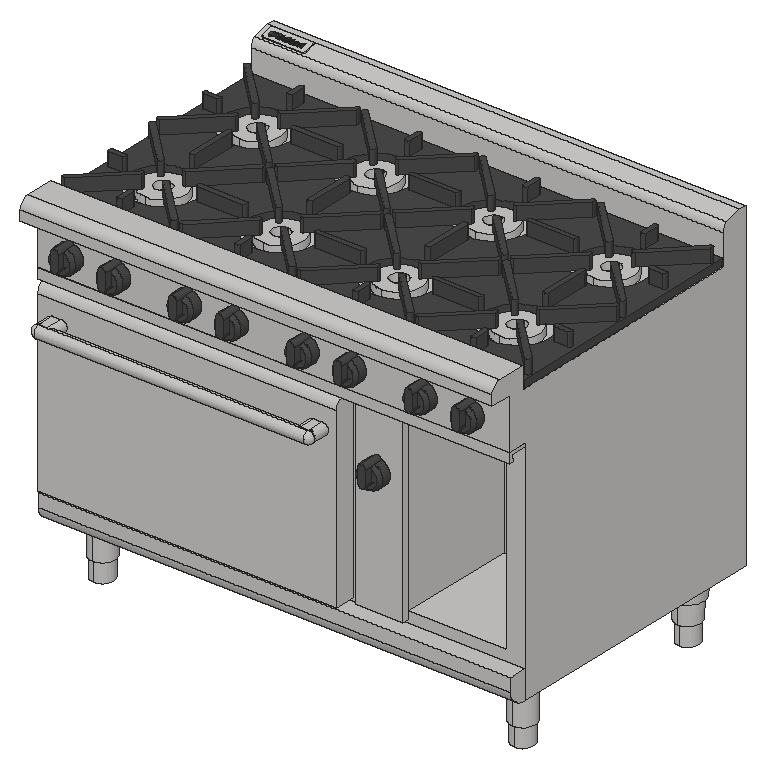
Revit family "QF_MOFFAT WALDORF_RNL8810GC", category Specialty Equipment, Revit 2012
Parameters
  Width = 1200 mm
  Weight in Pounds = 258
  Watts = 130 W
  Volts = 240 V
  URL Cutsheet = "www.moffat.com"
  URL = "www.moffat.com"
  Type Mark [instance] = ""
  Status [instance] = ""
  Specification by User [instance] = ""
  Specification by Manufacturer = ""
  Show Logo [instance] = yes
  Show Clearance [instance] = yes
  Serial Number = ""
  Seismic Rating = ""
  SMACNA No = ""
  Revision Code [instance] = ""
  Plumbing Remarks = ""
  Plumbing Connection Type [instance] = ""
  Phase = 1
  Omniclass Number and Title = ""
  Number of Poles [instance] = 1
  NAFEM Spec ID Number = ""
  Model = "RNL8810GC"
  Min Ckt Ampacity = 0 A
  Mechanical Remarks = ""
  Mechanical Connection Type [instance] = ""
  Max Overcurrent Protection = 0 A
  Masterspec = ""
  Manufacturer = "MOFFAT WALDORF"
  Item Number [instance] = ""
  Installed By [instance] = ""
  Identify Quantity as Lot [instance] = yes
  Height = 970 mm
  HP = ""
  Gas Size = 3/4"
  Gas RI Height [instance] = 0 mm
  Gas KW [instance] = 70.5
  Gas Input [instance] = 240746.0 Btu/h
  Gas Connection Height = 0 mm
  Furnished By [instance] = ""
  Foodservice Equipment Identifier [instance] = yes
  FL Amps = 0.06 A
  Electrical Remarks [instance] = ""
  Electric Connection Type [instance] = ""
  Elec Conn RI Height [instance] = 0 mm
  Elec Conn Connection Height [instance] = 0 mm
  Description = "RANGE LOW SPLASHBACK GAS WITH CONVECTION OVEN"
  Depth = 805 mm
  Cycle = 50 Hz
  Conn Plug = ""
  Conn Conduit = yes
  Cold Water Temperature Recommended = -459.67 °F
  Cold Water Size = 1/2"
  Cold Water RI Height [instance] = 0 mm
  Cold Water Minimum Pressure = 0.00 psi
  Cold Water Maximum Pressure = 0.00 psi
  Cold Water Flow = 0 GPM
  Cold Water Consumption = ""
  Cold Water Connection Height = 0 mm
  CSI MasterFormat = ""
  CSI Master Format = ""
  Body Finish = QF_Finishes_Stainless Steel
  Apparent Power = 0 VA
Reference planes
  plane 1 "BACK": y = 0
  plane 2: z = 0
  plane 3 "LEFT": x = 0
  plane 4 "RIGHT": x = 1200
  plane 5 "FRONT": y = -805
  plane 6 "TOP": z = 970
  plane 7 "Center Y": x = 600
  plane 8 "Center X": y = -402.5
  plane 9: x = 280
  plane 10: y = -574.272
  plane 11: x = 60
  plane 12: y = -304.972
  plane 13: y = -364.972
  plane 14: x = 74
  plane 15: y = -805
  plane 16: x = 1134.5
  plane 17: y = -32
  plane 18: z = 655
  plane 19: x = 65.5
  plane 20: x = 65.8
  plane 21: z = 222.5
Forms (mm)
  Extrusion 1, solid, material "QF_Finishes_Stainless Steel" <- "Body Finish"
    sketch origin (0, 0, 0) x (0, 1, 0) y (0, 0, 1)
      loop
        line (0, 150) -> (0, 970) -> (-16.5, 970) -> (-58.709, 958.69)
        arc (-58.709, 958.69) -> (-66.975, 950.425) -> (-70, 939.134) r 22.582
        line (-70, 939.134) -> (-70, 861.8) -> (-709, 861.8) -> (-709, 915) -> (-781, 915)
        arc (-781, 915) -> (-797.971, 907.971) -> (-805, 891) r 24
        line (-805, 891) -> (-805, 866) -> (-749, 866) -> (-749, 736.219) -> (-696.73, 736.219) -> (-696.73, 150) -> (0, 150)
      loop
        line (-700.93, 150.071) -> (-700.93, 222.5) -> (-746.73, 222.5) -> (-746.73, 188)
        arc (-746.73, 188) -> (-731.317, 159.995) -> (-700.93, 150.071) r 43.526
      loop
        line (-749, 710) -> (-740.224, 710) -> (-742.613, 726.999) -> (-700.93, 726.999) -> (-700.93, 734.003) -> (-749, 734.003) -> (-749, 710)
    from 0 to 1200
  Extrusion 2, solid, material "QF_Finishes_Stainless Steel"
    sketch origin (0, 0, 0) x (0, 1, 0) y (0, 0, 1)
      loop
        line (-699, 700) -> (-725, 700)
        arc (-725, 700) -> (-741.971, 692.971) -> (-749, 676) r 24
        line (-749, 676) -> (-749, 227.5) -> (-699, 227.5) -> (-699, 700)
    from 0 to 760
  Extrusion 3, solid, material "QF_Finishes_Stainless Steel"
    sketch origin (723.5, 0, 0) x (0, 1, 0) y (0, 0, 1)
      loop
        line (-699, 700) -> (-714, 700) -> (-714, 227.5) -> (-699, 227.5) -> (-699, 700)
    from 56.898 to 176.5
  Revolve 4, solid, material "QF_Finishes_Stainless Steel" <- "Body Finish"
    sketch origin (1134.5, -165, 0) x (0, 1, 0) y (0, 0, -1)
      loop
        line (33.25, -50) -> (31.418, -102.468) -> (26.406, -102.468) -> (22.247, -150) -> (65, -150) -> (65, 0) -> (37.5, 0) -> (37.5, -50) -> (33.25, -50)
      axis (65, -150) -> (65, 0)
    angle from 0 to 360
  Revolve 5, solid, material "QF_Finishes_Stainless Steel" <- "Body Finish"
    sketch origin (1134.5, -696.126, 0) x (0, 1, 0) y (0, 0, -1)
      loop
        line (39.376, -150) -> (71.126, -150) -> (71.126, 0) -> (43.626, 0) -> (43.626, -50) -> (39.376, -50) -> (39.376, -150)
      axis (71.126, -150) -> (71.126, 0)
    angle from 0 to 360
  Revolve 6, solid, material "QF_Finishes_Stainless Steel" <- "Body Finish"
    sketch origin (65.5, -165, 0) x (0, 1, 0) y (0, 0, 1)
      loop
        line (31.418, 102.468) -> (33.25, 50) -> (37.5, 50) -> (37.5, 0) -> (65, 0) -> (65, 150) -> (22.247, 150) -> (26.406, 102.468) -> (31.418, 102.468)
      axis (65, 150) -> (65, 0)
    angle from 0 to 360
  Revolve 7, solid, material "QF_Finishes_Stainless Steel" <- "Body Finish"
    sketch origin (65.5, -696.126, 0) x (0, 1, 0) y (0, 0, 1)
      loop
        line (39.376, 150) -> (39.376, 50) -> (43.626, 50) -> (43.626, 0) -> (71.126, 0) -> (71.126, 150) -> (39.376, 150)
      axis (71.126, 150) -> (71.126, 0)
    angle from 0 to 360
  Extrusion 8, solid, material "QF_Finishes_Stainless Steel"
    sketch origin (-64.5, 0, 325) x (1, 0, 0) y (0, 1, 0)
      loop
        circle (1134.5, -32) r 10
    from 330 to 377.356
  Extrusion 9, void
    sketch origin (0, -696.73, 640) x (0, 0, -1) y (-1, 0, 0)
      loop
        line (-36, -900) -> (-36, -1150) -> (394, -1150) -> (394, -900) -> (-36, -900)
    from 0 to 304.8
  Extrusion 10, solid, material "QF_Finishes_Black"
    sketch origin (0, -70, 861.8) x (0, -1, 0) y (1, 0, 0)
      loop
        arc (1, 4) -> (1.879, 1.879) -> (4, 1) r 3
        line (4, 1) -> (631, 1)
        arc (631, 1) -> (633.121, 1.879) -> (634, 4) r 3
        line (634, 4) -> (634, 1197)
        arc (634, 1197) -> (633.121, 1199.121) -> (631, 1200) r 3
        line (631, 1200) -> (4, 1200)
        arc (4, 1200) -> (1.879, 1199.121) -> (1, 1197) r 3
        line (1, 1197) -> (1, 4)
      loop
        circle (167.5, 150) r 85
      loop
        circle (167.5, 450) r 85
      loop
        circle (467.768, 150) r 85
      loop
        circle (467.768, 450) r 85
      loop
        circle (167.5, 750) r 85
      loop
        circle (467.768, 750) r 85
      loop
        circle (167.5, 1050) r 85
      loop
        circle (467.768, 1050) r 85
    from 0 to 19.5
  Revolve 11, solid, material "QF_Finishes_Black"
    sketch origin (810.601, 38.874, -0.118) x (0, 1, 0) y (0, 0, 1)
      loop
        line (-820.874, 829.5) -> (-831.874, 823.651) -> (-831.874, 797) -> (-787.874, 797) -> (-787.874, 802) -> (-797.874, 802) -> (-797.874, 829.5) -> (-820.874, 829.5)
      axis (-831.874, 797) -> (-787.874, 797)
    angle from 0 to 360
  Revolve 12, solid, material "QF_Finishes_Black"
    sketch origin (690.601, 38.874, -0.118) x (0, 1, 0) y (0, 0, 1)
      loop
        line (-820.874, 829.5) -> (-831.874, 823.651) -> (-831.874, 797) -> (-787.874, 797) -> (-787.874, 802) -> (-797.874, 802) -> (-797.874, 829.5) -> (-820.874, 829.5)
      axis (-831.874, 797) -> (-787.874, 797)
    angle from 0 to 360
  Revolve 13, solid, material "QF_Finishes_Black"
    sketch origin (90.337, 38.874, -0.118) x (0, 1, 0) y (0, 0, -1)
      loop
        line (-820.874, -829.5) -> (-797.874, -829.5) -> (-797.874, -802) -> (-787.874, -802) -> (-787.874, -797) -> (-831.874, -797) -> (-831.874, -823.651) -> (-820.874, -829.5)
      axis (-831.874, -797) -> (-787.874, -797)
    angle from 0 to 360
  Revolve 14, solid, material "QF_Finishes_Black"
    sketch origin (210.649, 38.874, -0.118) x (0, 1, 0) y (0, 0, -1)
      loop
        line (-820.874, -829.5) -> (-797.874, -829.5) -> (-797.874, -802) -> (-787.874, -802) -> (-787.874, -797) -> (-831.874, -797) -> (-831.874, -823.651) -> (-820.874, -829.5)
      axis (-831.874, -797) -> (-787.874, -797)
    angle from 0 to 360
  Revolve 15, solid, material "QF_Finishes_Black"
    sketch origin (390.625, 38.874, -0.118) x (0, 1, 0) y (0, 0, -1)
      loop
        line (-820.874, -829.5) -> (-797.874, -829.5) -> (-797.874, -802) -> (-787.874, -802) -> (-787.874, -797) -> (-831.874, -797) -> (-831.874, -823.651) -> (-820.874, -829.5)
      axis (-831.874, -797) -> (-787.874, -797)
    angle from 0 to 360
  Revolve 16, solid, material "QF_Finishes_Black"
    sketch origin (510.625, 38.874, -0.118) x (0, 1, 0) y (0, 0, -1)
      loop
        line (-820.874, -829.5) -> (-797.874, -829.5) -> (-797.874, -802) -> (-787.874, -802) -> (-787.874, -797) -> (-831.874, -797) -> (-831.874, -823.651) -> (-820.874, -829.5)
      axis (-831.874, -797) -> (-787.874, -797)
    angle from 0 to 360
  Revolve 17, solid, material "QF_Finishes_Black"
    sketch origin (1110.576, 38.874, -0.118) x (0, 1, 0) y (0, 0, 1)
      loop
        line (-820.874, 829.5) -> (-831.874, 823.651) -> (-831.874, 797) -> (-787.874, 797) -> (-787.874, 802) -> (-797.874, 802) -> (-797.874, 829.5) -> (-820.874, 829.5)
      axis (-831.874, 797) -> (-787.874, 797)
    angle from 0 to 360
  Revolve 18, solid, material "QF_Finishes_Black"
    sketch origin (990.576, 38.874, -0.118) x (0, 1, 0) y (0, 0, 1)
      loop
        line (-820.874, 829.5) -> (-831.874, 823.651) -> (-831.874, 797) -> (-787.874, 797) -> (-787.874, 802) -> (-797.874, 802) -> (-797.874, 829.5) -> (-820.874, 829.5)
      axis (-831.874, 797) -> (-787.874, 797)
    angle from 0 to 360
  Extrusion 19, solid, material "QF_Finishes_Black"
    sketch origin (238.144, 0, -0.118) x (-1, 0, 0) y (0, 0, -1)
      loop
        arc (158.3, -789) -> (148.3, -779) -> (138.3, -789) r 10
        line (138.3, -789) -> (138.3, -824)
        arc (138.3, -824) -> (148.3, -834) -> (158.3, -824) r 10
        line (158.3, -824) -> (158.3, -789)
    from 759 to 808
  Extrusion 20, solid, material "QF_Finishes_Black"
    sketch origin (358.456, 0, -0.118) x (-1, 0, 0) y (0, 0, -1)
      loop
        arc (158.3, -789) -> (148.3, -779) -> (138.3, -789) r 10
        line (138.3, -789) -> (138.3, -824)
        arc (138.3, -824) -> (148.3, -834) -> (158.3, -824) r 10
        line (158.3, -824) -> (158.3, -789)
    from 759 to 808
  Extrusion 21, solid, material "QF_Finishes_Black"
    sketch origin (538.432, 0, -0.118) x (-1, 0, 0) y (0, 0, -1)
      loop
        arc (158.3, -789) -> (148.3, -779) -> (138.3, -789) r 10
        line (138.3, -789) -> (138.3, -824)
        arc (138.3, -824) -> (148.3, -834) -> (158.3, -824) r 10
        line (158.3, -824) -> (158.3, -789)
    from 759 to 808
  Extrusion 22, solid, material "QF_Finishes_Black"
    sketch origin (658.432, 0, -0.118) x (-1, 0, 0) y (0, 0, -1)
      loop
        arc (158.3, -789) -> (148.3, -779) -> (138.3, -789) r 10
        line (138.3, -789) -> (138.3, -824)
        arc (138.3, -824) -> (148.3, -834) -> (158.3, -824) r 10
        line (158.3, -824) -> (158.3, -789)
    from 759 to 808
  Extrusion 23, solid, material "QF_Finishes_Black"
    sketch origin (838.408, 0, -0.118) x (-1, 0, 0) y (0, 0, -1)
      loop
        arc (158.3, -789) -> (148.3, -779) -> (138.3, -789) r 10
        line (138.3, -789) -> (138.3, -824)
        arc (138.3, -824) -> (148.3, -834) -> (158.3, -824) r 10
        line (158.3, -824) -> (158.3, -789)
    from 759 to 808
  Extrusion 24, solid, material "QF_Finishes_Black"
    sketch origin (958.408, 0, -0.118) x (-1, 0, 0) y (0, 0, -1)
      loop
        arc (158.3, -789) -> (148.3, -779) -> (138.3, -789) r 10
        line (138.3, -789) -> (138.3, -824)
        arc (138.3, -824) -> (148.3, -834) -> (158.3, -824) r 10
        line (158.3, -824) -> (158.3, -789)
    from 759 to 808
  Extrusion 25, solid, material "QF_Finishes_Black"
    sketch origin (1138.383, 0, -0.118) x (-1, 0, 0) y (0, 0, -1)
      loop
        arc (158.3, -789) -> (148.3, -779) -> (138.3, -789) r 10
        line (138.3, -789) -> (138.3, -824)
        arc (138.3, -824) -> (148.3, -834) -> (158.3, -824) r 10
        line (158.3, -824) -> (158.3, -789)
    from 759 to 808
  Extrusion 26, solid, material "QF_Finishes_Black"
    sketch origin (1258.383, 0, -0.118) x (-1, 0, 0) y (0, 0, -1)
      loop
        arc (158.3, -789) -> (148.3, -779) -> (138.3, -789) r 10
        line (138.3, -789) -> (138.3, -824)
        arc (138.3, -824) -> (148.3, -834) -> (158.3, -824) r 10
        line (158.3, -824) -> (158.3, -789)
    from 759 to 808
  Revolve 27, solid, material "QF_Finishes_Black"
    sketch origin (836.851, 81.374, -245.883) x (0, 1, 0) y (0, 0, 1)
      loop
        line (-820.874, 829.5) -> (-831.874, 823.651) -> (-831.874, 797) -> (-787.874, 797) -> (-787.874, 802) -> (-797.874, 802) -> (-797.874, 829.5) -> (-820.874, 829.5)
      axis (-831.874, 797) -> (-787.874, 797)
    angle from 0 to 360
  Extrusion 28, solid, material "QF_Finishes_Black"
    sketch origin (389.044, 42.5, -245.883) x (1, 0, 0) y (0, 0, 1)
      loop
        line (458.3, 789) -> (458.3, 824)
        arc (458.3, 824) -> (448.3, 834) -> (438.3, 824) r 10
        line (438.3, 824) -> (438.3, 789)
        arc (438.3, 789) -> (448.3, 779) -> (458.3, 789) r 10
    from 759 to 808
  Extrusion 29, solid, material "QF_Finishes_Stainless Steel"
    sketch origin (0, -737.874, 150) x (1, 0, 0) y (0, -1, 0)
      loop
        circle (826.762, -237.602) r 10
    from 0 to 3
  Extrusion 30, solid, material "QF_Door-Drawer Clearances", visible <- "Show Clearance", detail levels coarse
    sketch origin (762.865, 0, 0) x (0, 1, 0) y (0, 0, 1)
      loop
        arc (-749, 697.347) -> (-1081.232, 559.732) -> (-1218.847, 227.5) r 469.847
        line (-1218.847, 227.5) -> (-749, 227.5) -> (-749, 697.347)
    from -2.865 to -762.865
  Extrusion 31, solid, material "QF_Finishes_Black"
    sketch origin (0, -70, 0) x (0, -1, 0) y (1, 0, 0)
      loop
        spline (323.602, 15.153) -> (322.681, 13.924) -> (322.131, 12.47) -> (321.99, 10.89) -> (322.267, 9.292) -> (322.943, 7.786) -> (323.973, 6.473) -> (325.286, 5.443) -> (326.792, 4.767) -> (328.39, 4.49) -> (329.97, 4.631) -> (331.424, 5.181) -> (332.653, 6.102)
        line (332.653, 6.102) -> (440.576, 114.025)
        spline (440.576, 114.025) -> (441.337, 115.095) -> (441.738, 116.399) -> (441.751, 117.851) -> (441.375, 119.35) -> (440.637, 120.795) -> (439.586, 122.086) -> (438.295, 123.137) -> (436.85, 123.875) -> (435.351, 124.251) -> (433.899, 124.238) -> (432.595, 123.837) -> (431.525, 123.076)
        line (431.525, 123.076) -> (323.602, 15.153)
      loop
        line (611.398, 15.153) -> (503.475, 123.076)
        spline (503.475, 123.076) -> (502.405, 123.837) -> (501.101, 124.238) -> (499.649, 124.251) -> (498.15, 123.875) -> (496.705, 123.137) -> (495.414, 122.086) -> (494.363, 120.795) -> (493.625, 119.35) -> (493.249, 117.851) -> (493.262, 116.399) -> (493.663, 115.095) -> (494.424, 114.025)
        line (494.424, 114.025) -> (602.347, 6.102)
        spline (602.347, 6.102) -> (603.416, 5.341) -> (604.721, 4.941) -> (606.172, 4.928) -> (607.671, 5.303) -> (609.116, 6.041) -> (610.408, 7.092) -> (611.459, 8.384) -> (612.197, 9.829) -> (612.572, 11.328) -> (612.559, 12.779) -> (612.159, 14.084) -> (611.398, 15.153)
      loop
        spline (375.602, 143.6) -> (376.896, 143.818) -> (378.102, 144.457) -> (379.138, 145.475) -> (379.932, 146.8) -> (380.432, 148.344) -> (380.602, 150) -> (380.432, 151.656) -> (379.932, 153.2) -> (379.138, 154.525) -> (378.102, 155.543) -> (376.896, 156.182) -> (375.602, 156.4)
        line (375.602, 156.4) -> (259.398, 156.4)
        spline (259.398, 156.4) -> (258.104, 156.182) -> (256.898, 155.543) -> (255.862, 154.525) -> (255.068, 153.2) -> (254.568, 151.656) -> (254.398, 150) -> (254.568, 148.344) -> (255.068, 146.8) -> (255.862, 145.475) -> (256.898, 144.457) -> (258.104, 143.818) -> (259.398, 143.6)
        line (259.398, 143.6) -> (375.602, 143.6)
      loop
        spline (23.602, 15.153) -> (22.681, 13.924) -> (22.131, 12.47) -> (21.99, 10.89) -> (22.267, 9.292) -> (22.943, 7.786) -> (23.973, 6.473) -> (25.286, 5.443) -> (26.792, 4.767) -> (28.39, 4.49) -> (29.97, 4.631) -> (31.424, 5.181) -> (32.653, 6.102)
        line (32.653, 6.102) -> (140.576, 114.025)
        spline (140.576, 114.025) -> (141.337, 115.095) -> (141.738, 116.399) -> (141.751, 117.851) -> (141.375, 119.35) -> (140.637, 120.795) -> (139.586, 122.086) -> (138.295, 123.137) -> (136.85, 123.875) -> (135.351, 124.251) -> (133.899, 124.238) -> (132.595, 123.837) -> (131.525, 123.076)
        line (131.525, 123.076) -> (23.602, 15.153)
      loop
        line (311.398, 15.153) -> (203.475, 123.076)
        spline (203.475, 123.076) -> (202.405, 123.837) -> (201.101, 124.238) -> (199.649, 124.251) -> (198.15, 123.875) -> (196.705, 123.137) -> (195.414, 122.086) -> (194.363, 120.795) -> (193.625, 119.35) -> (193.249, 117.851) -> (193.262, 116.399) -> (193.663, 115.095) -> (194.424, 114.025)
        line (194.424, 114.025) -> (302.347, 6.102)
        spline (302.347, 6.102) -> (303.416, 5.341) -> (304.721, 4.941) -> (306.172, 4.928) -> (307.671, 5.303) -> (309.116, 6.041) -> (310.408, 7.092) -> (311.459, 8.384) -> (312.197, 9.829) -> (312.572, 11.328) -> (312.559, 12.779) -> (312.159, 14.084) -> (311.398, 15.153)
      loop
        line (323.602, 284.847) -> (431.525, 176.924)
        spline (431.525, 176.924) -> (432.595, 176.163) -> (433.899, 175.762) -> (435.351, 175.749) -> (436.85, 176.125) -> (438.295, 176.863) -> (439.586, 177.914) -> (440.637, 179.205) -> (441.375, 180.65) -> (441.751, 182.149) -> (441.738, 183.601) -> (441.337, 184.905) -> (440.576, 185.975)
        line (440.576, 185.975) -> (332.653, 293.898)
        spline (332.653, 293.898) -> (331.424, 294.819) -> (329.97, 295.369) -> (328.39, 295.51) -> (326.792, 295.233) -> (325.286, 294.557) -> (323.973, 293.527) -> (322.943, 292.214) -> (322.267, 290.708) -> (321.99, 289.11) -> (322.131, 287.53) -> (322.681, 286.076) -> (323.602, 284.847)
      loop
        spline (611.398, 284.847) -> (612.159, 285.916) -> (612.559, 287.221) -> (612.572, 288.672) -> (612.197, 290.171) -> (611.459, 291.616) -> (610.408, 292.908) -> (609.116, 293.959) -> (607.671, 294.697) -> (606.172, 295.072) -> (604.721, 295.059) -> (603.416, 294.659) -> (602.347, 293.898)
        line (602.347, 293.898) -> (494.424, 185.975)
        spline (494.424, 185.975) -> (493.663, 184.905) -> (493.262, 183.601) -> (493.249, 182.149) -> (493.625, 180.65) -> (494.363, 179.205) -> (495.414, 177.914) -> (496.705, 176.863) -> (498.15, 176.125) -> (499.649, 175.749) -> (501.101, 175.762) -> (502.405, 176.163) -> (503.475, 176.924)
        line (503.475, 176.924) -> (611.398, 284.847)
      loop
        spline (461.1, 241.898) -> (461.318, 240.604) -> (461.957, 239.398) -> (462.975, 238.362) -> (464.3, 237.568) -> (465.844, 237.068) -> (467.5, 236.898) -> (469.156, 237.068) -> (470.7, 237.568) -> (472.025, 238.362) -> (473.043, 239.398) -> (473.682, 240.604) -> (473.9, 241.898)
        line (473.9, 241.898) -> (473.9, 358.102)
        spline (473.9, 358.102) -> (473.682, 359.396) -> (473.043, 360.602) -> (472.025, 361.638) -> (470.7, 362.432) -> (469.156, 362.932) -> (467.5, 363.102) -> (465.844, 362.932) -> (464.3, 362.432) -> (462.975, 361.638) -> (461.957, 360.602) -> (461.318, 359.396) -> (461.1, 358.102)
        line (461.1, 358.102) -> (461.1, 241.898)
      loop
        line (23.602, 284.847) -> (131.525, 176.924)
        spline (131.525, 176.924) -> (132.595, 176.163) -> (133.899, 175.762) -> (135.351, 175.749) -> (136.85, 176.125) -> (138.295, 176.863) -> (139.586, 177.914) -> (140.637, 179.205) -> (141.375, 180.65) -> (141.751, 182.149) -> (141.738, 183.601) -> (141.337, 184.905) -> (140.576, 185.975)
        line (140.576, 185.975) -> (32.653, 293.898)
        spline (32.653, 293.898) -> (31.424, 294.819) -> (29.97, 295.369) -> (28.39, 295.51) -> (26.792, 295.233) -> (25.286, 294.557) -> (23.973, 293.527) -> (22.943, 292.214) -> (22.267, 290.708) -> (21.99, 289.11) -> (22.131, 287.53) -> (22.681, 286.076) -> (23.602, 284.847)
      loop
        spline (311.398, 284.847) -> (312.159, 285.916) -> (312.559, 287.221) -> (312.572, 288.672) -> (312.197, 290.171) -> (311.459, 291.616) -> (310.408, 292.908) -> (309.116, 293.959) -> (307.671, 294.697) -> (306.172, 295.072) -> (304.721, 295.059) -> (303.416, 294.659) -> (302.347, 293.898)
        line (302.347, 293.898) -> (194.424, 185.975)
        spline (194.424, 185.975) -> (193.663, 184.905) -> (193.262, 183.601) -> (193.249, 182.149) -> (193.625, 180.65) -> (194.363, 179.205) -> (195.414, 177.914) -> (196.705, 176.863) -> (198.15, 176.125) -> (199.649, 175.749) -> (201.101, 175.762) -> (202.405, 176.163) -> (203.475, 176.924)
        line (203.475, 176.924) -> (311.398, 284.847)
      loop
        spline (161.1, 241.898) -> (161.318, 240.604) -> (161.957, 239.398) -> (162.975, 238.362) -> (164.3, 237.568) -> (165.844, 237.068) -> (167.5, 236.898) -> (169.156, 237.068) -> (170.7, 237.568) -> (172.025, 238.362) -> (173.043, 239.398) -> (173.682, 240.604) -> (173.9, 241.898)
        line (173.9, 241.898) -> (173.9, 358.102)
        spline (173.9, 358.102) -> (173.682, 359.396) -> (173.043, 360.602) -> (172.025, 361.638) -> (170.7, 362.432) -> (169.156, 362.932) -> (167.5, 363.102) -> (165.844, 362.932) -> (164.3, 362.432) -> (162.975, 361.638) -> (161.957, 360.602) -> (161.318, 359.396) -> (161.1, 358.102)
        line (161.1, 358.102) -> (161.1, 241.898)
      loop
        line (375.602, 456.4) -> (259.398, 456.4)
        spline (259.398, 456.4) -> (258.104, 456.182) -> (256.898, 455.543) -> (255.862, 454.525) -> (255.068, 453.2) -> (254.568, 451.656) -> (254.398, 450) -> (254.568, 448.344) -> (255.068, 446.8) -> (255.862, 445.475) -> (256.898, 444.457) -> (258.104, 443.818) -> (259.398, 443.6)
        line (259.398, 443.6) -> (375.602, 443.6)
        spline (375.602, 443.6) -> (376.896, 443.818) -> (378.102, 444.457) -> (379.138, 445.475) -> (379.932, 446.8) -> (380.432, 448.344) -> (380.602, 450) -> (380.432, 451.656) -> (379.932, 453.2) -> (379.138, 454.525) -> (378.102, 455.543) -> (376.896, 456.182) -> (375.602, 456.4)
      loop
        spline (323.602, 315.153) -> (322.681, 313.924) -> (322.131, 312.47) -> (321.99, 310.89) -> (322.267, 309.292) -> (322.943, 307.786) -> (323.973, 306.473) -> (325.286, 305.443) -> (326.792, 304.767) -> (328.39, 304.49) -> (329.97, 304.631) -> (331.424, 305.181) -> (332.653, 306.102)
        line (332.653, 306.102) -> (440.576, 414.025)
        spline (440.576, 414.025) -> (441.337, 415.095) -> (441.738, 416.399) -> (441.751, 417.851) -> (441.375, 419.35) -> (440.637, 420.795) -> (439.586, 422.086) -> (438.295, 423.137) -> (436.85, 423.875) -> (435.351, 424.251) -> (433.899, 424.238) -> (432.595, 423.837) -> (431.525, 423.076)
        line (431.525, 423.076) -> (323.602, 315.153)
      loop
        line (611.398, 315.153) -> (503.475, 423.076)
        spline (503.475, 423.076) -> (502.405, 423.837) -> (501.101, 424.238) -> (499.649, 424.251) -> (498.15, 423.875) -> (496.705, 423.137) -> (495.414, 422.086) -> (494.363, 420.795) -> (493.625, 419.35) -> (493.249, 417.851) -> (493.262, 416.399) -> (493.663, 415.095) -> (494.424, 414.025)
        line (494.424, 414.025) -> (602.347, 306.102)
        spline (602.347, 306.102) -> (603.416, 305.341) -> (604.721, 304.941) -> (606.172, 304.928) -> (607.671, 305.303) -> (609.116, 306.041) -> (610.408, 307.092) -> (611.459, 308.384) -> (612.197, 309.829) -> (612.572, 311.328) -> (612.559, 312.779) -> (612.159, 314.084) -> (611.398, 315.153)
      loop
        spline (23.602, 315.153) -> (22.681, 313.924) -> (22.131, 312.47) -> (21.99, 310.89) -> (22.267, 309.292) -> (22.943, 307.786) -> (23.973, 306.473) -> (25.286, 305.443) -> (26.792, 304.767) -> (28.39, 304.49) -> (29.97, 304.631) -> (31.424, 305.181) -> (32.653, 306.102)
        line (32.653, 306.102) -> (140.576, 414.025)
        spline (140.576, 414.025) -> (141.337, 415.095) -> (141.738, 416.399) -> (141.751, 417.851) -> (141.375, 419.35) -> (140.637, 420.795) -> (139.586, 422.086) -> (138.295, 423.137) -> (136.85, 423.875) -> (135.351, 424.251) -> (133.899, 424.238) -> (132.595, 423.837) -> (131.525, 423.076)
        line (131.525, 423.076) -> (23.602, 315.153)
      loop
        line (311.398, 315.153) -> (203.475, 423.076)
        spline (203.475, 423.076) -> (202.405, 423.837) -> (201.101, 424.238) -> (199.649, 424.251) -> (198.15, 423.875) -> (196.705, 423.137) -> (195.414, 422.086) -> (194.363, 420.795) -> (193.625, 419.35) -> (193.249, 417.851) -> (193.262, 416.399) -> (193.663, 415.095) -> (194.424, 414.025)
        line (194.424, 414.025) -> (302.347, 306.102)
        spline (302.347, 306.102) -> (303.416, 305.341) -> (304.721, 304.941) -> (306.172, 304.928) -> (307.671, 305.303) -> (309.116, 306.041) -> (310.408, 307.092) -> (311.459, 308.384) -> (312.197, 309.829) -> (312.572, 311.328) -> (312.559, 312.779) -> (312.159, 314.084) -> (311.398, 315.153)
      loop
        line (323.602, 584.847) -> (431.525, 476.924)
        spline (431.525, 476.924) -> (432.595, 476.163) -> (433.899, 475.762) -> (435.351, 475.749) -> (436.85, 476.125) -> (438.295, 476.863) -> (439.586, 477.914) -> (440.637, 479.205) -> (441.375, 480.65) -> (441.751, 482.149) -> (441.738, 483.601) -> (441.337, 484.905) -> (440.576, 485.975)
        line (440.576, 485.975) -> (332.653, 593.898)
        spline (332.653, 593.898) -> (331.424, 594.819) -> (329.97, 595.369) -> (328.39, 595.51) -> (326.792, 595.233) -> (325.286, 594.557) -> (323.973, 593.527) -> (322.943, 592.214) -> (322.267, 590.708) -> (321.99, 589.11) -> (322.131, 587.53) -> (322.681, 586.076) -> (323.602, 584.847)
      loop
        spline (611.398, 584.847) -> (612.159, 585.916) -> (612.559, 587.221) -> (612.572, 588.672) -> (612.197, 590.171) -> (611.459, 591.616) -> (610.408, 592.908) -> (609.116, 593.959) -> (607.671, 594.697) -> (606.172, 595.072) -> (604.721, 595.059) -> (603.416, 594.659) -> (602.347, 593.898)
        line (602.347, 593.898) -> (494.424, 485.975)
        spline (494.424, 485.975) -> (493.663, 484.905) -> (493.262, 483.601) -> (493.249, 482.149) -> (493.625, 480.65) -> (494.363, 479.205) -> (495.414, 477.914) -> (496.705, 476.863) -> (498.15, 476.125) -> (499.649, 475.749) -> (501.101, 475.762) -> (502.405, 476.163) -> (503.475, 476.924)
        line (503.475, 476.924) -> (611.398, 584.847)
      loop
        line (23.602, 584.847) -> (131.525, 476.924)
        spline (131.525, 476.924) -> (132.595, 476.163) -> (133.899, 475.762) -> (135.351, 475.749) -> (136.85, 476.125) -> (138.295, 476.863) -> (139.586, 477.914) -> (140.637, 479.205) -> (141.375, 480.65) -> (141.751, 482.149) -> (141.738, 483.601) -> (141.337, 484.905) -> (140.576, 485.975)
        line (140.576, 485.975) -> (32.653, 593.898)
        spline (32.653, 593.898) -> (31.424, 594.819) -> (29.97, 595.369) -> (28.39, 595.51) -> (26.792, 595.233) -> (25.286, 594.557) -> (23.973, 593.527) -> (22.943, 592.214) -> (22.267, 590.708) -> (21.99, 589.11) -> (22.131, 587.53) -> (22.681, 586.076) -> (23.602, 584.847)
      loop
        spline (311.398, 584.847) -> (312.159, 585.916) -> (312.559, 587.221) -> (312.572, 588.672) -> (312.197, 590.171) -> (311.459, 591.616) -> (310.408, 592.908) -> (309.116, 593.959) -> (307.671, 594.697) -> (306.172, 595.072) -> (304.721, 595.059) -> (303.416, 594.659) -> (302.347, 593.898)
        line (302.347, 593.898) -> (194.424, 485.975)
        spline (194.424, 485.975) -> (193.663, 484.905) -> (193.262, 483.601) -> (193.249, 482.149) -> (193.625, 480.65) -> (194.363, 479.205) -> (195.414, 477.914) -> (196.705, 476.863) -> (198.15, 476.125) -> (199.649, 475.749) -> (201.101, 475.762) -> (202.405, 476.163) -> (203.475, 476.924)
        line (203.475, 476.924) -> (311.398, 584.847)
      loop
        spline (461.1, 541.898) -> (461.318, 540.604) -> (461.957, 539.398) -> (462.975, 538.362) -> (464.3, 537.568) -> (465.844, 537.068) -> (467.5, 536.898) -> (469.156, 537.068) -> (470.7, 537.568) -> (472.025, 538.362) -> (473.043, 539.398) -> (473.682, 540.604) -> (473.9, 541.898)
        line (473.9, 541.898) -> (473.9, 658.102)
        spline (473.9, 658.102) -> (473.682, 659.396) -> (473.043, 660.602) -> (472.025, 661.638) -> (470.7, 662.432) -> (469.156, 662.932) -> (467.5, 663.102) -> (465.844, 662.932) -> (464.3, 662.432) -> (462.975, 661.638) -> (461.957, 660.602) -> (461.318, 659.396) -> (461.1, 658.102)
        line (461.1, 658.102) -> (461.1, 541.898)
      loop
        spline (161.1, 541.898) -> (161.318, 540.604) -> (161.957, 539.398) -> (162.975, 538.362) -> (164.3, 537.568) -> (165.844, 537.068) -> (167.5, 536.898) -> (169.156, 537.068) -> (170.7, 537.568) -> (172.025, 538.362) -> (173.043, 539.398) -> (173.682, 540.604) -> (173.9, 541.898)
        line (173.9, 541.898) -> (173.9, 658.102)
        spline (173.9, 658.102) -> (173.682, 659.396) -> (173.043, 660.602) -> (172.025, 661.638) -> (170.7, 662.432) -> (169.156, 662.932) -> (167.5, 663.102) -> (165.844, 662.932) -> (164.3, 662.432) -> (162.975, 661.638) -> (161.957, 660.602) -> (161.318, 659.396) -> (161.1, 658.102)
        line (161.1, 658.102) -> (161.1, 541.898)
      loop
        line (375.602, 756.4) -> (259.398, 756.4)
        spline (259.398, 756.4) -> (258.104, 756.182) -> (256.898, 755.543) -> (255.862, 754.525) -> (255.068, 753.2) -> (254.568, 751.656) -> (254.398, 750) -> (254.568, 748.344) -> (255.068, 746.8) -> (255.862, 745.475) -> (256.898, 744.457) -> (258.104, 743.818) -> (259.398, 743.6)
        line (259.398, 743.6) -> (375.602, 743.6)
        spline (375.602, 743.6) -> (376.896, 743.818) -> (378.102, 744.457) -> (379.138, 745.475) -> (379.932, 746.8) -> (380.432, 748.344) -> (380.602, 750) -> (380.432, 751.656) -> (379.932, 753.2) -> (379.138, 754.525) -> (378.102, 755.543) -> (376.896, 756.182) -> (375.602, 756.4)
      loop
        spline (323.602, 615.153) -> (322.681, 613.924) -> (322.131, 612.47) -> (321.99, 610.89) -> (322.267, 609.292) -> (322.943, 607.786) -> (323.973, 606.473) -> (325.286, 605.443) -> (326.792, 604.767) -> (328.39, 604.49) -> (329.97, 604.631) -> (331.424, 605.181) -> (332.653, 606.102)
        line (332.653, 606.102) -> (440.576, 714.025)
        spline (440.576, 714.025) -> (441.337, 715.095) -> (441.738, 716.399) -> (441.751, 717.851) -> (441.375, 719.35) -> (440.637, 720.795) -> (439.586, 722.086) -> (438.295, 723.137) -> (436.85, 723.875) -> (435.351, 724.251) -> (433.899, 724.238) -> (432.595, 723.837) -> (431.525, 723.076)
        line (431.525, 723.076) -> (323.602, 615.153)
      loop
        line (611.398, 615.153) -> (503.475, 723.076)
        spline (503.475, 723.076) -> (502.405, 723.837) -> (501.101, 724.238) -> (499.649, 724.251) -> (498.15, 723.875) -> (496.705, 723.137) -> (495.414, 722.086) -> (494.363, 720.795) -> (493.625, 719.35) -> (493.249, 717.851) -> (493.262, 716.399) -> (493.663, 715.095) -> (494.424, 714.025)
        line (494.424, 714.025) -> (602.347, 606.102)
        spline (602.347, 606.102) -> (603.416, 605.341) -> (604.721, 604.941) -> (606.172, 604.928) -> (607.671, 605.303) -> (609.116, 606.041) -> (610.408, 607.092) -> (611.459, 608.384) -> (612.197, 609.829) -> (612.572, 611.328) -> (612.559, 612.779) -> (612.159, 614.084) -> (611.398, 615.153)
      loop
        spline (23.602, 615.153) -> (22.681, 613.924) -> (22.131, 612.47) -> (21.99, 610.89) -> (22.267, 609.292) -> (22.943, 607.786) -> (23.973, 606.473) -> (25.286, 605.443) -> (26.792, 604.767) -> (28.39, 604.49) -> (29.97, 604.631) -> (31.424, 605.181) -> (32.653, 606.102)
        line (32.653, 606.102) -> (140.576, 714.025)
        spline (140.576, 714.025) -> (141.337, 715.095) -> (141.738, 716.399) -> (141.751, 717.851) -> (141.375, 719.35) -> (140.637, 720.795) -> (139.586, 722.086) -> (138.295, 723.137) -> (136.85, 723.875) -> (135.351, 724.251) -> (133.899, 724.238) -> (132.595, 723.837) -> (131.525, 723.076)
        line (131.525, 723.076) -> (23.602, 615.153)
      loop
        line (311.398, 615.153) -> (203.475, 723.076)
        spline (203.475, 723.076) -> (202.405, 723.837) -> (201.101, 724.238) -> (199.649, 724.251) -> (198.15, 723.875) -> (196.705, 723.137) -> (195.414, 722.086) -> (194.363, 720.795) -> (193.625, 719.35) -> (193.249, 717.851) -> (193.262, 716.399) -> (193.663, 715.095) -> (194.424, 714.025)
        line (194.424, 714.025) -> (302.347, 606.102)
        spline (302.347, 606.102) -> (303.416, 605.341) -> (304.721, 604.941) -> (306.172, 604.928) -> (307.671, 605.303) -> (309.116, 606.041) -> (310.408, 607.092) -> (311.459, 608.384) -> (312.197, 609.829) -> (312.572, 611.328) -> (312.559, 612.779) -> (312.159, 614.084) -> (311.398, 615.153)
      loop
        line (323.602, 884.847) -> (431.525, 776.924)
        spline (431.525, 776.924) -> (432.595, 776.163) -> (433.899, 775.762) -> (435.351, 775.749) -> (436.85, 776.125) -> (438.295, 776.863) -> (439.586, 777.914) -> (440.637, 779.205) -> (441.375, 780.65) -> (441.751, 782.149) -> (441.738, 783.601) -> (441.337, 784.905) -> (440.576, 785.975)
        line (440.576, 785.975) -> (332.653, 893.898)
        spline (332.653, 893.898) -> (331.424, 894.819) -> (329.97, 895.369) -> (328.39, 895.51) -> (326.792, 895.233) -> (325.286, 894.557) -> (323.973, 893.527) -> (322.943, 892.214) -> (322.267, 890.708) -> (321.99, 889.11) -> (322.131, 887.53) -> (322.681, 886.076) -> (323.602, 884.847)
      loop
        spline (611.398, 884.847) -> (612.159, 885.916) -> (612.559, 887.221) -> (612.572, 888.672) -> (612.197, 890.171) -> (611.459, 891.616) -> (610.408, 892.908) -> (609.116, 893.959) -> (607.671, 894.697) -> (606.172, 895.072) -> (604.721, 895.059) -> (603.416, 894.659) -> (602.347, 893.898)
        line (602.347, 893.898) -> (494.424, 785.975)
        spline (494.424, 785.975) -> (493.663, 784.905) -> (493.262, 783.601) -> (493.249, 782.149) -> (493.625, 780.65) -> (494.363, 779.205) -> (495.414, 777.914) -> (496.705, 776.863) -> (498.15, 776.125) -> (499.649, 775.749) -> (501.101, 775.762) -> (502.405, 776.163) -> (503.475, 776.924)
        line (503.475, 776.924) -> (611.398, 884.847)
      loop
        line (23.602, 884.847) -> (131.525, 776.924)
        spline (131.525, 776.924) -> (132.595, 776.163) -> (133.899, 775.762) -> (135.351, 775.749) -> (136.85, 776.125) -> (138.295, 776.863) -> (139.586, 777.914) -> (140.637, 779.205) -> (141.375, 780.65) -> (141.751, 782.149) -> (141.738, 783.601) -> (141.337, 784.905) -> (140.576, 785.975)
        line (140.576, 785.975) -> (32.653, 893.898)
        spline (32.653, 893.898) -> (31.424, 894.819) -> (29.97, 895.369) -> (28.39, 895.51) -> (26.792, 895.233) -> (25.286, 894.557) -> (23.973, 893.527) -> (22.943, 892.214) -> (22.267, 890.708) -> (21.99, 889.11) -> (22.131, 887.53) -> (22.681, 886.076) -> (23.602, 884.847)
      loop
        spline (311.398, 884.847) -> (312.159, 885.916) -> (312.559, 887.221) -> (312.572, 888.672) -> (312.197, 890.171) -> (311.459, 891.616) -> (310.408, 892.908) -> (309.116, 893.959) -> (307.671, 894.697) -> (306.172, 895.072) -> (304.721, 895.059) -> (303.416, 894.659) -> (302.347, 893.898)
        line (302.347, 893.898) -> (194.424, 785.975)
        spline (194.424, 785.975) -> (193.663, 784.905) -> (193.262, 783.601) -> (193.249, 782.149) -> (193.625, 780.65) -> (194.363, 779.205) -> (195.414, 777.914) -> (196.705, 776.863) -> (198.15, 776.125) -> (199.649, 775.749) -> (201.101, 775.762) -> (202.405, 776.163) -> (203.475, 776.924)
        line (203.475, 776.924) -> (311.398, 884.847)
      loop
        line (323.602, 1184.847) -> (431.525, 1076.924)
        spline (431.525, 1076.924) -> (432.595, 1076.163) -> (433.899, 1075.762) -> (435.351, 1075.749) -> (436.85, 1076.125) -> (438.295, 1076.863) -> (439.586, 1077.914) -> (440.637, 1079.205) -> (441.375, 1080.65) -> (441.751, 1082.149) -> (441.738, 1083.601) -> (441.337, 1084.905) -> (440.576, 1085.975)
        line (440.576, 1085.975) -> (332.653, 1193.898)
        spline (332.653, 1193.898) -> (331.424, 1194.819) -> (329.97, 1195.369) -> (328.39, 1195.51) -> (326.792, 1195.233) -> (325.286, 1194.557) -> (323.973, 1193.527) -> (322.943, 1192.214) -> (322.267, 1190.708) -> (321.99, 1189.11) -> (322.131, 1187.53) -> (322.681, 1186.076) -> (323.602, 1184.847)
      loop
        spline (611.398, 1184.847) -> (612.159, 1185.916) -> (612.559, 1187.221) -> (612.572, 1188.672) -> (612.197, 1190.171) -> (611.459, 1191.616) -> (610.408, 1192.908) -> (609.116, 1193.959) -> (607.671, 1194.697) -> (606.172, 1195.072) -> (604.721, 1195.059) -> (603.416, 1194.659) -> (602.347, 1193.898)
        line (602.347, 1193.898) -> (494.424, 1085.975)
        spline (494.424, 1085.975) -> (493.663, 1084.905) -> (493.262, 1083.601) -> (493.249, 1082.149) -> (493.625, 1080.65) -> (494.363, 1079.205) -> (495.414, 1077.914) -> (496.705, 1076.863) -> (498.15, 1076.125) -> (499.649, 1075.749) -> (501.101, 1075.762) -> (502.405, 1076.163) -> (503.475, 1076.924)
        line (503.475, 1076.924) -> (611.398, 1184.847)
      loop
        line (375.602, 1056.4) -> (259.398, 1056.4)
        spline (259.398, 1056.4) -> (258.104, 1056.182) -> (256.898, 1055.543) -> (255.862, 1054.525) -> (255.068, 1053.2) -> (254.568, 1051.656) -> (254.398, 1050) -> (254.568, 1048.344) -> (255.068, 1046.8) -> (255.862, 1045.475) -> (256.898, 1044.457) -> (258.104, 1043.818) -> (259.398, 1043.6)
        line (259.398, 1043.6) -> (375.602, 1043.6)
        spline (375.602, 1043.6) -> (376.896, 1043.818) -> (378.102, 1044.457) -> (379.138, 1045.475) -> (379.932, 1046.8) -> (380.432, 1048.344) -> (380.602, 1050) -> (380.432, 1051.656) -> (379.932, 1053.2) -> (379.138, 1054.525) -> (378.102, 1055.543) -> (376.896, 1056.182) -> (375.602, 1056.4)
      loop
        line (23.602, 1184.847) -> (131.525, 1076.924)
        spline (131.525, 1076.924) -> (132.595, 1076.163) -> (133.899, 1075.762) -> (135.351, 1075.749) -> (136.85, 1076.125) -> (138.295, 1076.863) -> (139.586, 1077.914) -> (140.637, 1079.205) -> (141.375, 1080.65) -> (141.751, 1082.149) -> (141.738, 1083.601) -> (141.337, 1084.905) -> (140.576, 1085.975)
        line (140.576, 1085.975) -> (32.653, 1193.898)
        spline (32.653, 1193.898) -> (31.424, 1194.819) -> (29.97, 1195.369) -> (28.39, 1195.51) -> (26.792, 1195.233) -> (25.286, 1194.557) -> (23.973, 1193.527) -> (22.943, 1192.214) -> (22.267, 1190.708) -> (21.99, 1189.11) -> (22.131, 1187.53) -> (22.681, 1186.076) -> (23.602, 1184.847)
      loop
        spline (311.398, 1184.847) -> (312.159, 1185.916) -> (312.559, 1187.221) -> (312.572, 1188.672) -> (312.197, 1190.171) -> (311.459, 1191.616) -> (310.408, 1192.908) -> (309.116, 1193.959) -> (307.671, 1194.697) -> (306.172, 1195.072) -> (304.721, 1195.059) -> (303.416, 1194.659) -> (302.347, 1193.898)
        line (302.347, 1193.898) -> (194.424, 1085.975)
        spline (194.424, 1085.975) -> (193.663, 1084.905) -> (193.262, 1083.601) -> (193.249, 1082.149) -> (193.625, 1080.65) -> (194.363, 1079.205) -> (195.414, 1077.914) -> (196.705, 1076.863) -> (198.15, 1076.125) -> (199.649, 1075.749) -> (201.101, 1075.762) -> (202.405, 1076.163) -> (203.475, 1076.924)
        line (203.475, 1076.924) -> (311.398, 1184.847)
      loop
        spline (323.602, 915.153) -> (322.681, 913.924) -> (322.131, 912.47) -> (321.99, 910.89) -> (322.267, 909.292) -> (322.943, 907.786) -> (323.973, 906.473) -> (325.286, 905.443) -> (326.792, 904.767) -> (328.39, 904.49) -> (329.97, 904.631) -> (331.424, 905.181) -> (332.653, 906.102)
        line (332.653, 906.102) -> (440.576, 1014.025)
        spline (440.576, 1014.025) -> (441.337, 1015.095) -> (441.738, 1016.399) -> (441.751, 1017.851) -> (441.375, 1019.35) -> (440.637, 1020.795) -> (439.586, 1022.086) -> (438.295, 1023.137) -> (436.85, 1023.875) -> (435.351, 1024.251) -> (433.899, 1024.238) -> (432.595, 1023.837) -> (431.525, 1023.076)
        line (431.525, 1023.076) -> (323.602, 915.153)
      loop
        line (611.398, 915.153) -> (503.475, 1023.076)
        spline (503.475, 1023.076) -> (502.405, 1023.837) -> (501.101, 1024.238) -> (499.649, 1024.251) -> (498.15, 1023.875) -> (496.705, 1023.137) -> (495.414, 1022.086) -> (494.363, 1020.795) -> (493.625, 1019.35) -> (493.249, 1017.851) -> (493.262, 1016.399) -> (493.663, 1015.095) -> (494.424, 1014.025)
        line (494.424, 1014.025) -> (602.347, 906.102)
        spline (602.347, 906.102) -> (603.416, 905.341) -> (604.721, 904.941) -> (606.172, 904.928) -> (607.671, 905.303) -> (609.116, 906.041) -> (610.408, 907.092) -> (611.459, 908.384) -> (612.197, 909.829) -> (612.572, 911.328) -> (612.559, 912.779) -> (612.159, 914.084) -> (611.398, 915.153)
      loop
        spline (23.602, 915.153) -> (22.681, 913.924) -> (22.131, 912.47) -> (21.99, 910.89) -> (22.267, 909.292) -> (22.943, 907.786) -> (23.973, 906.473) -> (25.286, 905.443) -> (26.792, 904.767) -> (28.39, 904.49) -> (29.97, 904.631) -> (31.424, 905.181) -> (32.653, 906.102)
        line (32.653, 906.102) -> (140.576, 1014.025)
        spline (140.576, 1014.025) -> (141.337, 1015.095) -> (141.738, 1016.399) -> (141.751, 1017.851) -> (141.375, 1019.35) -> (140.637, 1020.795) -> (139.586, 1022.086) -> (138.295, 1023.137) -> (136.85, 1023.875) -> (135.351, 1024.251) -> (133.899, 1024.238) -> (132.595, 1023.837) -> (131.525, 1023.076)
        line (131.525, 1023.076) -> (23.602, 915.153)
      loop
        line (311.398, 915.153) -> (203.475, 1023.076)
        spline (203.475, 1023.076) -> (202.405, 1023.837) -> (201.101, 1024.238) -> (199.649, 1024.251) -> (198.15, 1023.875) -> (196.705, 1023.137) -> (195.414, 1022.086) -> (194.363, 1020.795) -> (193.625, 1019.35) -> (193.249, 1017.851) -> (193.262, 1016.399) -> (193.663, 1015.095) -> (194.424, 1014.025)
        line (194.424, 1014.025) -> (302.347, 906.102)
        spline (302.347, 906.102) -> (303.416, 905.341) -> (304.721, 904.941) -> (306.172, 904.928) -> (307.671, 905.303) -> (309.116, 906.041) -> (310.408, 907.092) -> (311.459, 908.384) -> (312.197, 909.829) -> (312.572, 911.328) -> (312.559, 912.779) -> (312.159, 914.084) -> (311.398, 915.153)
      loop
        line (461.1, 958.102) -> (461.1, 841.898)
        spline (461.1, 841.898) -> (461.318, 840.604) -> (461.957, 839.398) -> (462.975, 838.362) -> (464.3, 837.568) -> (465.844, 837.068) -> (467.5, 836.898) -> (469.156, 837.068) -> (470.7, 837.568) -> (472.025, 838.362) -> (473.043, 839.398) -> (473.682, 840.604) -> (473.9, 841.898)
        line (473.9, 841.898) -> (473.9, 958.102)
        spline (473.9, 958.102) -> (473.682, 959.396) -> (473.043, 960.602) -> (472.025, 961.638) -> (470.7, 962.432) -> (469.156, 962.932) -> (467.5, 963.102) -> (465.844, 962.932) -> (464.3, 962.432) -> (462.975, 961.638) -> (461.957, 960.602) -> (461.318, 959.396) -> (461.1, 958.102)
      loop
        line (161.1, 958.102) -> (161.1, 841.898)
        spline (161.1, 841.898) -> (161.318, 840.604) -> (161.957, 839.398) -> (162.975, 838.362) -> (164.3, 837.568) -> (165.844, 837.068) -> (167.5, 836.898) -> (169.156, 837.068) -> (170.7, 837.568) -> (172.025, 838.362) -> (173.043, 839.398) -> (173.682, 840.604) -> (173.9, 841.898)
        line (173.9, 841.898) -> (173.9, 958.102)
        spline (173.9, 958.102) -> (173.682, 959.396) -> (173.043, 960.602) -> (172.025, 961.638) -> (170.7, 962.432) -> (169.156, 962.932) -> (167.5, 963.102) -> (165.844, 962.932) -> (164.3, 962.432) -> (162.975, 961.638) -> (161.957, 960.602) -> (161.318, 959.396) -> (161.1, 958.102)
      loop
        spline (65.602, 143.6) -> (66.896, 143.818) -> (68.102, 144.457) -> (69.138, 145.475) -> (69.932, 146.8) -> (70.432, 148.344) -> (70.602, 150) -> (70.432, 151.656) -> (69.932, 153.2) -> (69.138, 154.525) -> (68.102, 155.543) -> (66.896, 156.182) -> (65.602, 156.4)
        line (65.602, 156.4) -> (29.398, 156.4)
        spline (29.398, 156.4) -> (28.104, 156.182) -> (26.898, 155.543) -> (25.862, 154.525) -> (25.068, 153.2) -> (24.568, 151.656) -> (24.398, 150) -> (24.568, 148.344) -> (25.068, 146.8) -> (25.862, 145.475) -> (26.898, 144.457) -> (28.104, 143.818) -> (29.398, 143.6)
        line (29.398, 143.6) -> (65.602, 143.6)
      loop
        spline (65.602, 443.6) -> (66.896, 443.818) -> (68.102, 444.457) -> (69.138, 445.475) -> (69.932, 446.8) -> (70.432, 448.344) -> (70.602, 450) -> (70.432, 451.656) -> (69.932, 453.2) -> (69.138, 454.525) -> (68.102, 455.543) -> (66.896, 456.182) -> (65.602, 456.4)
        line (65.602, 456.4) -> (29.398, 456.4)
        spline (29.398, 456.4) -> (28.104, 456.182) -> (26.898, 455.543) -> (25.862, 454.525) -> (25.068, 453.2) -> (24.568, 451.656) -> (24.398, 450) -> (24.568, 448.344) -> (25.068, 446.8) -> (25.862, 445.475) -> (26.898, 444.457) -> (28.104, 443.818) -> (29.398, 443.6)
        line (29.398, 443.6) -> (65.602, 443.6)
      loop
        spline (65.602, 743.6) -> (66.896, 743.818) -> (68.102, 744.457) -> (69.138, 745.475) -> (69.932, 746.8) -> (70.432, 748.344) -> (70.602, 750) -> (70.432, 751.656) -> (69.932, 753.2) -> (69.138, 754.525) -> (68.102, 755.543) -> (66.896, 756.182) -> (65.602, 756.4)
        line (65.602, 756.4) -> (29.398, 756.4)
        spline (29.398, 756.4) -> (28.104, 756.182) -> (26.898, 755.543) -> (25.862, 754.525) -> (25.068, 753.2) -> (24.568, 751.656) -> (24.398, 750) -> (24.568, 748.344) -> (25.068, 746.8) -> (25.862, 745.475) -> (26.898, 744.457) -> (28.104, 743.818) -> (29.398, 743.6)
        line (29.398, 743.6) -> (65.602, 743.6)
      loop
        spline (65.602, 1043.6) -> (66.896, 1043.818) -> (68.102, 1044.457) -> (69.138, 1045.475) -> (69.932, 1046.8) -> (70.432, 1048.344) -> (70.602, 1050) -> (70.432, 1051.656) -> (69.932, 1053.2) -> (69.138, 1054.525) -> (68.102, 1055.543) -> (66.896, 1056.182) -> (65.602, 1056.4)
        line (65.602, 1056.4) -> (29.398, 1056.4)
        spline (29.398, 1056.4) -> (28.104, 1056.182) -> (26.898, 1055.543) -> (25.862, 1054.525) -> (25.068, 1053.2) -> (24.568, 1051.656) -> (24.398, 1050) -> (24.568, 1048.344) -> (25.068, 1046.8) -> (25.862, 1045.475) -> (26.898, 1044.457) -> (28.104, 1043.818) -> (29.398, 1043.6)
        line (29.398, 1043.6) -> (65.602, 1043.6)
      loop
        spline (605.602, 143.6) -> (606.896, 143.818) -> (608.102, 144.457) -> (609.138, 145.475) -> (609.932, 146.8) -> (610.432, 148.344) -> (610.602, 150) -> (610.432, 151.656) -> (609.932, 153.2) -> (609.138, 154.525) -> (608.102, 155.543) -> (606.896, 156.182) -> (605.602, 156.4)
        line (605.602, 156.4) -> (569.398, 156.4)
        spline (569.398, 156.4) -> (568.104, 156.182) -> (566.898, 155.543) -> (565.862, 154.525) -> (565.068, 153.2) -> (564.568, 151.656) -> (564.398, 150) -> (564.568, 148.344) -> (565.068, 146.8) -> (565.862, 145.475) -> (566.898, 144.457) -> (568.104, 143.818) -> (569.398, 143.6)
        line (569.398, 143.6) -> (605.602, 143.6)
      loop
        spline (605.602, 443.6) -> (606.896, 443.818) -> (608.102, 444.457) -> (609.138, 445.475) -> (609.932, 446.8) -> (610.432, 448.344) -> (610.602, 450) -> (610.432, 451.656) -> (609.932, 453.2) -> (609.138, 454.525) -> (608.102, 455.543) -> (606.896, 456.182) -> (605.602, 456.4)
        line (605.602, 456.4) -> (569.398, 456.4)
        spline (569.398, 456.4) -> (568.104, 456.182) -> (566.898, 455.543) -> (565.862, 454.525) -> (565.068, 453.2) -> (564.568, 451.656) -> (564.398, 450) -> (564.568, 448.344) -> (565.068, 446.8) -> (565.862, 445.475) -> (566.898, 444.457) -> (568.104, 443.818) -> (569.398, 443.6)
        line (569.398, 443.6) -> (605.602, 443.6)
      loop
        spline (605.602, 743.6) -> (606.896, 743.818) -> (608.102, 744.457) -> (609.138, 745.475) -> (609.932, 746.8) -> (610.432, 748.344) -> (610.602, 750) -> (610.432, 751.656) -> (609.932, 753.2) -> (609.138, 754.525) -> (608.102, 755.543) -> (606.896, 756.182) -> (605.602, 756.4)
        line (605.602, 756.4) -> (569.398, 756.4)
        spline (569.398, 756.4) -> (568.104, 756.182) -> (566.898, 755.543) -> (565.862, 754.525) -> (565.068, 753.2) -> (564.568, 751.656) -> (564.398, 750) -> (564.568, 748.344) -> (565.068, 746.8) -> (565.862, 745.475) -> (566.898, 744.457) -> (568.104, 743.818) -> (569.398, 743.6)
        line (569.398, 743.6) -> (605.602, 743.6)
      loop
        spline (605.602, 1043.6) -> (606.896, 1043.818) -> (608.102, 1044.457) -> (609.138, 1045.475) -> (609.932, 1046.8) -> (610.432, 1048.344) -> (610.602, 1050) -> (610.432, 1051.656) -> (609.932, 1053.2) -> (609.138, 1054.525) -> (608.102, 1055.543) -> (606.896, 1056.182) -> (605.602, 1056.4)
        line (605.602, 1056.4) -> (569.398, 1056.4)
        spline (569.398, 1056.4) -> (568.104, 1056.182) -> (566.898, 1055.543) -> (565.862, 1054.525) -> (565.068, 1053.2) -> (564.568, 1051.656) -> (564.398, 1050) -> (564.568, 1048.344) -> (565.068, 1046.8) -> (565.862, 1045.475) -> (566.898, 1044.457) -> (568.104, 1043.818) -> (569.398, 1043.6)
        line (569.398, 1043.6) -> (605.602, 1043.6)
      loop
        line (460.626, 1184.352) -> (460.626, 1150.359)
        spline (460.626, 1150.359) -> (460.844, 1149.065) -> (461.483, 1147.859) -> (462.501, 1146.823) -> (463.826, 1146.029) -> (465.37, 1145.529) -> (467.026, 1145.359) -> (468.682, 1145.529) -> (470.226, 1146.029) -> (471.551, 1146.823) -> (472.569, 1147.859) -> (473.208, 1149.065) -> (473.426, 1150.359)
        line (473.426, 1150.359) -> (473.426, 1184.352)
        spline (473.426, 1184.352) -> (473.208, 1185.646) -> (472.569, 1186.852) -> (471.551, 1187.888) -> (470.226, 1188.682) -> (468.682, 1189.182) -> (467.026, 1189.352) -> (465.37, 1189.182) -> (463.826, 1188.682) -> (462.501, 1187.888) -> (461.483, 1186.852) -> (460.844, 1185.646) -> (460.626, 1184.352)
      loop
        line (160.11, 1184.352) -> (160.11, 1150.359)
        spline (160.11, 1150.359) -> (160.328, 1149.065) -> (160.967, 1147.859) -> (161.984, 1146.823) -> (163.31, 1146.029) -> (164.853, 1145.529) -> (166.51, 1145.359) -> (168.166, 1145.529) -> (169.71, 1146.029) -> (171.035, 1146.823) -> (172.052, 1147.859) -> (172.692, 1149.065) -> (172.91, 1150.359)
        line (172.91, 1150.359) -> (172.91, 1184.352)
        spline (172.91, 1184.352) -> (172.692, 1185.646) -> (172.052, 1186.852) -> (171.035, 1187.888) -> (169.71, 1188.682) -> (168.166, 1189.182) -> (166.51, 1189.352) -> (164.853, 1189.182) -> (163.31, 1188.682) -> (161.984, 1187.888) -> (160.967, 1186.852) -> (160.328, 1185.646) -> (160.11, 1184.352)
      loop
        line (460.626, 50.584) -> (460.626, 16.591)
        spline (460.626, 16.591) -> (460.844, 15.297) -> (461.483, 14.091) -> (462.501, 13.055) -> (463.826, 12.261) -> (465.37, 11.761) -> (467.026, 11.591) -> (468.682, 11.761) -> (470.226, 12.261) -> (471.551, 13.055) -> (472.569, 14.091) -> (473.208, 15.297) -> (473.426, 16.591)
        line (473.426, 16.591) -> (473.426, 50.584)
        spline (473.426, 50.584) -> (473.208, 51.878) -> (472.569, 53.084) -> (471.551, 54.119) -> (470.226, 54.914) -> (468.682, 55.413) -> (467.026, 55.584) -> (465.37, 55.413) -> (463.826, 54.914) -> (462.501, 54.119) -> (461.483, 53.084) -> (460.844, 51.878) -> (460.626, 50.584)
      loop
        line (160.11, 50.584) -> (160.11, 16.591)
        spline (160.11, 16.591) -> (160.328, 15.297) -> (160.967, 14.091) -> (161.984, 13.055) -> (163.31, 12.261) -> (164.853, 11.761) -> (166.51, 11.591) -> (168.166, 11.761) -> (169.71, 12.261) -> (171.035, 13.055) -> (172.052, 14.091) -> (172.692, 15.297) -> (172.91, 16.591)
        line (172.91, 16.591) -> (172.91, 50.584)
        spline (172.91, 50.584) -> (172.692, 51.878) -> (172.052, 53.084) -> (171.035, 54.119) -> (169.71, 54.914) -> (168.166, 55.413) -> (166.51, 55.584) -> (164.853, 55.413) -> (163.31, 54.914) -> (161.984, 54.119) -> (160.967, 53.084) -> (160.328, 51.878) -> (160.11, 50.584)
    from 881.3 to 915
  Extrusion 32, void
    sketch origin (0, 0, 152.5) x (-1, 0, 0) y (0, -1, 0)
      loop
        line (-1133.988, 87.26) -> (-1133.988, -30.24) -> (-1004.488, -30.24) -> (-1004.488, 38.76) -> (-1052.988, 87.26) -> (-1133.988, 87.26)
    from 72.5 to 549.856
  Extrusion 33, solid, material "QF_Finishes_Stainless Steel"
    sketch origin (0, -70, 861.8) x (0, -1, 0) y (1, 0, 0)
      loop
        circle (167.5, 450) r 57
      loop
        circle (467.5, 450) r 57
      loop
        circle (467.5, 150) r 57
      loop
        circle (167.5, 150) r 57
      loop
        circle (467.5, 750) r 57
      loop
        circle (167.5, 750) r 57
      loop
        circle (467.5, 1050) r 57
      loop
        circle (167.5, 1050) r 57
      loop
        circle (467.5, 150) r 22
      loop
        circle (467.5, 450) r 22
      loop
        circle (467.5, 750) r 22
      loop
        circle (467.5, 1050) r 22
      loop
        circle (167.5, 1050) r 22
      loop
        circle (167.5, 750) r 22
      loop
        circle (167.5, 450) r 22
      loop
        circle (167.5, 150) r 22
    from 0 to 19.5
  Extrusion 34, solid, material "QF_Finishes_Stainless Steel"
    sketch origin (0, -749, 227.5) x (0, 0, 1) y (-1, 0, 0)
      loop
        line (380.625, -38.246) -> (380.625, -58.528)
        arc (380.625, -58.528) -> (395.625, -73.528) -> (410.625, -58.528) r 15
        line (410.625, -58.528) -> (410.625, -38.246)
        arc (410.625, -38.246) -> (395.625, -23.246) -> (380.625, -38.246) r 15
      loop
        arc (380.625, -723.039) -> (395.625, -738.039) -> (410.625, -723.039) r 15
        line (410.625, -723.039) -> (410.625, -702.757)
        arc (410.625, -702.757) -> (395.625, -687.757) -> (380.625, -702.757) r 15
        line (380.625, -702.757) -> (380.625, -723.039)
    from 0 to 44
  Revolve 35, solid, material "QF_Finishes_Stainless Steel"
    sketch origin (0, -793, 0) x (1, 0, 0) y (0, 0, 1)
      loop
        arc (738.039, 623.125) -> (733.646, 633.732) -> (723.039, 638.125) r 15
        line (723.039, 638.125) -> (38.246, 638.125)
        arc (38.246, 638.125) -> (27.64, 633.732) -> (23.246, 623.125) r 15
        line (23.246, 623.125) -> (738.039, 623.125)
      axis (738.039, 623.125) -> (23.246, 623.125)
    angle from 0 to 360
Cuts and joins
  Extrusion 9, Extrusion 32 cuts Extrusion 1
Lines and regions (mm)
  Split face 1
    outline origin (0, -16.5, 970) x (0, -0.965926, -0.258819) y (1, 0, 0)
      loop
        line (1.962, 129.583) -> (29.558, 129.583) -> (29.558, 149.583) -> (1.962, 149.583) -> (1.962, 129.583)
  Split face 2
    outline origin (0, -16.5, 970) x (0, -0.965926, -0.258819) y (1, 0, 0)
      loop
        line (29.558, 156.5) -> (29.558, 176.5) -> (1.962, 176.5) -> (1.962, 156.5) -> (29.558, 156.5)
  Split face 3
    outline origin (0, -16.5, 970) x (0, -0.965926, -0.258819) y (1, 0, 0)
      loop
        line (29.558, 203.5) -> (1.962, 203.5) -> (1.962, 183.5) -> (29.558, 183.5) -> (29.558, 203.5)
  Split face 4
    outline origin (0, -16.5, 970) x (0, -0.965926, -0.258819) y (1, 0, 0)
      loop
        line (29.558, 230.5) -> (1.962, 230.5) -> (1.962, 210.5) -> (29.558, 210.5) -> (29.558, 230.5)
  Split face 5
    outline origin (0, -16.5, 970) x (0, -0.965926, -0.258819) y (1, 0, 0)
      loop
        line (29.558, 257.5) -> (1.962, 257.5) -> (1.962, 237.5) -> (29.558, 237.5) -> (29.558, 257.5)
  Split face 6
    outline origin (54, -16.5, 970) x (0, -0.965926, -0.258819) y (1, 0, 0)
      loop
        line (29.558, 230.5) -> (1.962, 230.5) -> (1.962, 210.5) -> (29.558, 210.5) -> (29.558, 230.5)
  Split face 7
    outline origin (54, -16.5, 970) x (0, -0.965926, -0.258819) y (1, 0, 0)
      loop
        line (29.558, 257.5) -> (1.962, 257.5) -> (1.962, 237.5) -> (29.558, 237.5) -> (29.558, 257.5)
  Split face 8
    outline origin (135, -16.5, 970) x (0, -0.965926, -0.258819) y (1, 0, 0)
      loop
        line (29.558, 203.5) -> (1.962, 203.5) -> (1.962, 183.5) -> (29.558, 183.5) -> (29.558, 203.5)
  Split face 9
    outline origin (135, -16.5, 970) x (0, -0.965926, -0.258819) y (1, 0, 0)
      loop
        line (29.558, 230.5) -> (1.962, 230.5) -> (1.962, 210.5) -> (29.558, 210.5) -> (29.558, 230.5)
  Split face 10
    outline origin (135, -16.5, 970) x (0, -0.965926, -0.258819) y (1, 0, 0)
      loop
        line (29.558, 257.5) -> (1.962, 257.5) -> (1.962, 237.5) -> (29.558, 237.5) -> (29.558, 257.5)
  Split face 11
    outline origin (189, -16.5, 970) x (0, -0.965926, -0.258819) y (1, 0, 0)
      loop
        line (29.558, 230.5) -> (1.962, 230.5) -> (1.962, 210.5) -> (29.558, 210.5) -> (29.558, 230.5)
  Split face 12
    outline origin (189, -16.5, 970) x (0, -0.965926, -0.258819) y (1, 0, 0)
      loop
        line (29.558, 257.5) -> (1.962, 257.5) -> (1.962, 237.5) -> (29.558, 237.5) -> (29.558, 257.5)
  Split face 13
    outline origin (270, -16.5, 970) x (0, -0.965926, -0.258819) y (1, 0, 0)
      loop
        line (29.558, 203.5) -> (1.962, 203.5) -> (1.962, 183.5) -> (29.558, 183.5) -> (29.558, 203.5)
